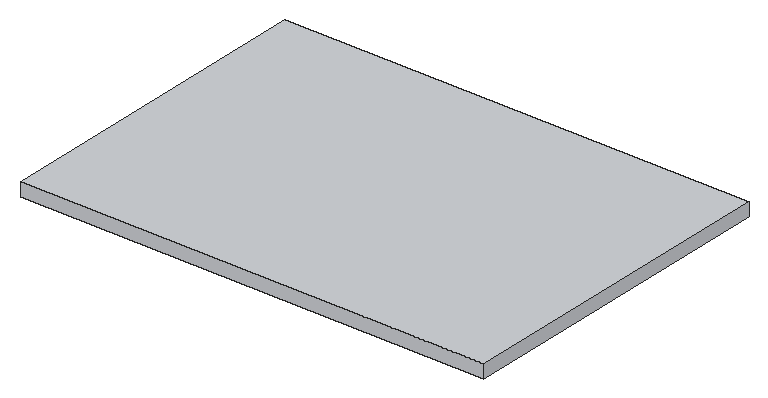
Revit family "AROHA - Lavabo medio TERM", category Aparatos sanitarios, Revit 2016
Family settings
  Anfitrión = Cara
  Tipo de pieza = Normal
  Cota de conector redondo = Diámetro de uso
  Número OmniClass = 23.45.05.14.14
  Título OmniClass = Sinks/Lavatories
  Corte con vacíos al cargar = No
  Compartido = No
  Punto de cálculo de habitación = No
Parameters
  WFU = 0
  URL = "http://www.griferiasgalindo.com"
  Sistema = "AFS / ACS"
  Referencia = "4605100"
  Notas de suministro = "Suministrados con latiguillos flexibles hembra de 1/2” y longitud 55 cm."
  Modelo = "AROHA Lavabo medio"
  Material = Latón, cromado
  HWFU = 1
  Fabricante = "GALINDO"
  Email = "info@griferiasgalindo.com"
  Teléfono = "+34 93 680 13 15"
  Default Elevation = 48"
  Diámetro entrada = 3/4"
  Descripción = "Grifería de cuello medio para lavabo."
  Código de montaje = "D2020"
  Comentarios de tipo = "Cartucho sellado mezclador con discos cerámicos de diámetro 35 mm."
  Cierre = "Manual"
  Caudal = 6.0 L/min
  CWFU = 1
  Accionamiento = "Por maneta"
Reference planes (in)
  plane 1 "Centro (Frontal/Posterior)": y = 0
  plane 2: z = 0
  plane 3 "Centro (Izquierda/Derecha)": x = 0
Forms (in)
  Extrusion 1, solid
    sketch origin (0, 0, 0) x (1, 0, 0) y (0, 1, 0)
      loop
        line (-6.44299, 4.74141) -> (-6.44299, -4.80498) -> (6.97478, -4.80498) -> (6.97478, 4.74141) -> (-6.44299, 4.74141)
    from 0 to -0.38452
Dimensions and locks (in)
  aligned and locked: plane 2 to Extrusion 1
  aligned and locked: level to Extrusion 1
Connectors (in)
  piping at (0, -0.00821, 0), diameter 0.75, driven by "Caudal", driven by "Diámetro entrada"
    settings: on import instance, index 1, connector inside diameter 609.6 mm, connector length 0", flow factor 0, pipe flow 6.0 L/min, pressure drop 0.0 Pa, fitting loss kfactor 0, connector angle 0.00°, fixture units 0, engagement length 0", angle of deflection 0.00°, flow configuration 0, flow direction 1, fitting loss method 0, system type 19, joint type 0, gender type 0, connector reference index -1, connector utility 0, adjustable connector no, is connector primary yes, connector description ""
